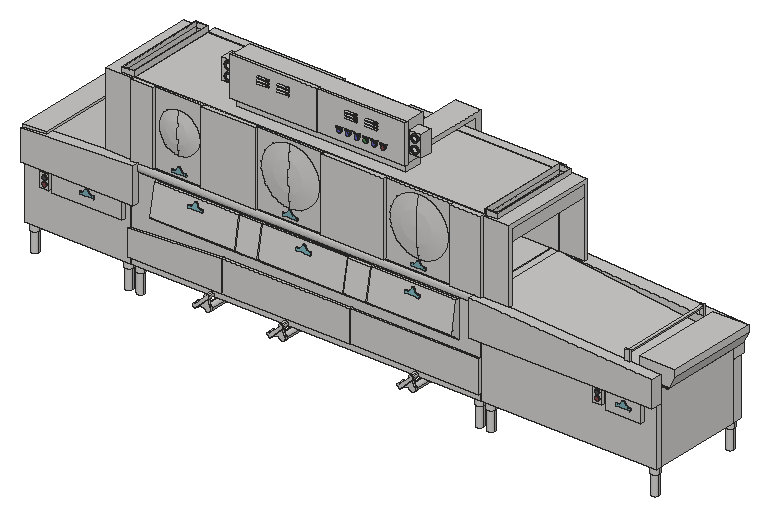
Revit family (continued)
Dimensions and locks (in)
  locked: plane 24 to plane 115 at 0.0625
  locked: plane 118 to plane 24 at 1.4375
  locked: plane 24 to plane 117 at 1.4375
  locked: plane 116 to plane 29 at 0.25
  locked: plane 30 to plane 119 at 0.25
  locked: plane 122 to plane 31 at 0.25
  locked: plane 25 to plane 121 at 0.0625
  locked: plane 120 to plane 25 at 0.0625
  locked: plane 124 to plane 25 at 1.4375
  locked: plane 25 to plane 123 at 1.4375
  locked: plane 125 "Standard Door Clearance" to plane 10 "Top of Machine" at 28
  plane 4 "RIGHT" to plane 126 = 2' - 0"
  locked: plane 126 to nested 5
  locked: plane 4 "RIGHT" to nested 4 at 12
  locked: Extrusion 211 sketch curve to plane 4 "RIGHT" at 12
  locked: Extrusion 211 sketch curve to level at 11
  aligned and locked: level to plane 2
  aligned and locked: plane 12 "Bottom of Machine" to Extrusion 1 sketch curve
  aligned and locked: plane 3 "LEFT" to Extrusion 1 sketch curve
  aligned and locked: plane 14 "Left of Bottom" to Extrusion 1 sketch curve
  aligned and locked: Extrusion 1 sketch curve to plane 15 "Right of Bottom"
  aligned and locked: Extrusion 1 sketch curve to plane 4 "RIGHT"
  aligned and locked: Extrusion 1 to plane 21 "Back of Main Body"
  aligned and locked: Extrusion 1 sketch curve to plane 16
  aligned and locked: Extrusion 2 sketch curve to plane 13 "Middle of Machine"
  aligned and locked: plane 16 to Extrusion 2 sketch curve
  aligned and locked: plane 21 "Back of Main Body" to Extrusion 2 sketch curve
  aligned and locked: Extrusion 2 to plane 14 "Left of Bottom"
  aligned and locked: plane 3 "LEFT" to Extrusion 3 sketch curve
  aligned and locked: Extrusion 3 sketch curve to plane 22 "Front of Main Body"
  aligned and locked: Extrusion 3 sketch curve to plane 26
  aligned and locked: plane 32 "Front of Inside" to Extrusion 3 sketch curve
  aligned and locked: Extrusion 3 to plane 13 "Middle of Machine"
  aligned and locked: plane 32 "Front of Inside" to Extrusion 4 sketch curve
  aligned and locked: Extrusion 4 sketch curve to plane 28
  aligned and locked: plane 27 to Extrusion 4 sketch curve
  aligned and locked: Extrusion 4 sketch curve to plane 22 "Front of Main Body"
  aligned and locked: Extrusion 4 to plane 13 "Middle of Machine"
  aligned and locked: plane 32 "Front of Inside" to Extrusion 5 sketch curve
  aligned and locked: Extrusion 5 sketch curve to plane 22 "Front of Main Body"
  aligned and locked: Extrusion 5 sketch curve to plane 30
  aligned and locked: plane 29 to Extrusion 5 sketch curve
  aligned and locked: Extrusion 6 sketch curve to plane 4 "RIGHT"
  aligned and locked: plane 31 to Extrusion 6 sketch curve
  aligned and locked: plane 32 "Front of Inside" to Extrusion 6 sketch curve
  aligned and locked: Extrusion 6 sketch curve to plane 22 "Front of Main Body"
  aligned and locked: Extrusion 5 to plane 13 "Middle of Machine"
  aligned and locked: Extrusion 6 to plane 13 "Middle of Machine"
  aligned and locked: plane 3 "LEFT" to Extrusion 7 sketch curve
  aligned and locked: Extrusion 7 sketch curve to plane 34
  aligned and locked: plane 21 "Back of Main Body" to Extrusion 7 sketch curve
  aligned and locked: Extrusion 7 sketch curve to plane 33 "Back of Inside"
  aligned and locked: Extrusion 8 sketch curve to plane 4 "RIGHT"
  aligned and locked: plane 21 "Back of Main Body" to Extrusion 8 sketch curve
  aligned and locked: Extrusion 8 sketch curve to plane 33 "Back of Inside"
  aligned and locked: plane 35 to Extrusion 8 sketch curve
  aligned and locked: Extrusion 7 to plane 13 "Middle of Machine"
  aligned and locked: Extrusion 8 to plane 13 "Middle of Machine"
  aligned and locked: plane 32 "Front of Inside" to Extrusion 9 sketch curve
  aligned and locked: Extrusion 9 sketch curve to plane 27
  aligned and locked: plane 26 to Extrusion 9 sketch curve
  aligned and locked: plane 32 "Front of Inside" to Extrusion 10 sketch curve
  aligned and locked: plane 28 to Extrusion 10 sketch curve
  aligned and locked: Extrusion 10 sketch curve to plane 29
  aligned and locked: plane 32 "Front of Inside" to Extrusion 11 sketch curve
  aligned and locked: plane 30 to Extrusion 11 sketch curve
  aligned and locked: Extrusion 11 sketch curve to plane 31
  aligned and locked: Extrusion 9 to plane 13 "Middle of Machine"
  aligned and locked: Extrusion 10 to plane 13 "Middle of Machine"
  aligned and locked: Extrusion 11 to plane 13 "Middle of Machine"
  aligned and locked: plane 34 to Extrusion 12 sketch curve
  aligned and locked: Extrusion 12 sketch curve to plane 35
  aligned and locked: Extrusion 12 sketch curve to plane 33 "Back of Inside"
  aligned and locked: Extrusion 12 to plane 13 "Middle of Machine"
  aligned and locked: plane 37 to Extrusion 19
  aligned and locked: Extrusion 19 to plane 36
  aligned and locked: Extrusion 20 to plane 42
  aligned and locked: plane 43 to Extrusion 20
  aligned and locked: Extrusion 21 to plane 38
  aligned and locked: plane 39 to Extrusion 21
  aligned and locked: Extrusion 22 to plane 44
  aligned and locked: plane 45 to Extrusion 22
  aligned and locked: Extrusion 23 to plane 40
  aligned and locked: plane 41 to Extrusion 23
  aligned and locked: plane 3 "LEFT" to Extrusion 24 sketch curve
  aligned and locked: plane 20 to Extrusion 24 sketch curve
  aligned and locked: Extrusion 24 sketch curve to plane 46
  aligned and locked: Extrusion 25 sketch curve to plane 48
  aligned and locked: Extrusion 25 sketch curve to plane 19
  aligned and locked: plane 47 to Extrusion 25 sketch curve
  aligned and locked: plane 20 to Extrusion 25 sketch curve
  aligned and locked: Extrusion 26 sketch curve to plane 4 "RIGHT"
  aligned and locked: Extrusion 26 sketch curve to plane 19
  aligned and locked: plane 20 to Extrusion 26 sketch curve
  aligned and locked: plane 49 to Extrusion 26 sketch curve
  aligned and locked: plane 33 "Back of Inside" to Extrusion 27 sketch curve
  aligned and locked: plane 3 "LEFT" to Extrusion 27 sketch curve
  aligned and locked: Extrusion 27 sketch curve to plane 32 "Front of Inside"
  aligned and locked: Extrusion 27 sketch curve to plane 4 "RIGHT"
  aligned and locked: Extrusion 27 to plane 50
  aligned and locked: plane 13 "Middle of Machine" to Extrusion 28 sketch curve  (x2)
  aligned and locked: Extrusion 28 sketch curve to plane 10 "Top of Machine"
  aligned and locked: Extrusion 28 to plane 8 "Load Vent"
  aligned and locked: plane 53 to Extrusion 29 sketch curve
  aligned and locked: Extrusion 29 sketch curve to plane 52
  aligned and locked: plane 51 to Extrusion 29
  aligned and locked: Extrusion 30 sketch curve to Extrusion 28
  aligned and locked: Extrusion 30 sketch curve to plane 50
  aligned and locked: Extrusion 31 sketch curve to Extrusion 29
  aligned and locked: Extrusion 29 to Extrusion 31 sketch curve
  aligned and locked: Extrusion 32 to Extrusion 34 sketch curve
  aligned and locked: plane 9 "Unload Vent" to Extrusion 32
  aligned and locked: plane 54 to Extrusion 33 sketch curve
  aligned and locked: Extrusion 33 sketch curve to plane 55
  aligned and locked: plane 51 to Extrusion 33
  aligned and locked: plane 50 to Extrusion 34 sketch curve
  aligned and locked: Extrusion 33 to Extrusion 35 sketch curve
  aligned and locked: Extrusion 35 sketch curve to Extrusion 33
  aligned and locked: plane 15 "Right of Bottom" to Extrusion 2
  aligned and locked: plane 56 to Extrusion 45 sketch curve
  aligned and locked: Extrusion 45 sketch curve to plane 14 "Left of Bottom"
  aligned and locked: plane 56 to Extrusion 46 sketch curve
  aligned and locked: Extrusion 46 sketch curve to plane 14 "Left of Bottom"
  aligned and locked: Extrusion 47 sketch curve to plane 57
  aligned and locked: plane 11 "Table Height" to Extrusion 47 sketch curve
  aligned and locked: plane 56 to Extrusion 47 sketch curve
  aligned and locked: plane 32 "Front of Inside" to Extrusion 47
  aligned and locked: Extrusion 48 sketch curve to plane 58
  aligned and locked: plane 56 to Extrusion 48 sketch curve
  aligned and locked: Extrusion 49 sketch curve to plane 58
  aligned and locked: plane 56 to Extrusion 49 sketch curve
  aligned and locked: plane 56 to Extrusion 50 sketch curve
  aligned and locked: Extrusion 50 sketch curve to plane 14 "Left of Bottom"
  aligned and locked: Extrusion 50 sketch curve to plane 13 "Middle of Machine"
  aligned and locked: Extrusion 50 sketch curve to plane 12 "Bottom of Machine"
  aligned and locked: plane 3 "LEFT" to Extrusion 50 sketch curve
  aligned and locked: plane 56 to Extrusion 51 sketch curve
  aligned and locked: plane 59 to Extrusion 51 sketch curve
  aligned and locked: plane 56 to Extrusion 52 sketch curve
  aligned and locked: plane 12 "Bottom of Machine" to Extrusion 52 sketch curve
  aligned and locked: Extrusion 52 sketch curve to plane 3 "LEFT"
  aligned and locked: plane 22 "Front of Main Body" to Extrusion 52
  aligned and locked: plane 32 "Front of Inside" to Extrusion 50
  aligned and locked: plane 56 to Extrusion 53 sketch curve
  aligned and locked: plane 12 "Bottom of Machine" to Extrusion 53 sketch curve
  aligned and locked: Extrusion 53 sketch curve to plane 3 "LEFT"
  aligned and locked: Extrusion 53 to plane 21 "Back of Main Body"
  aligned and locked: plane 60 to Extrusion 45 sketch curve
  aligned and locked: plane 60 to Extrusion 46 sketch curve
  aligned and locked: Extrusion 52 sketch curve to plane 60
  aligned and locked: Extrusion 53 sketch curve to plane 60
  aligned and locked: Extrusion 54 to plane 22 "Front of Main Body"
  aligned and locked: plane 66 to Extrusion 56 sketch curve
  aligned and locked: Extrusion 56 sketch curve to plane 65
  aligned and locked: Extrusion 54 to plane 63
  aligned and locked: plane 64 to Extrusion 54
  aligned and locked: plane 13 "Middle of Machine" to Extrusion 63 sketch curve
  aligned and locked: Extrusion 63 sketch curve to plane 15 "Right of Bottom"
  aligned and locked: Extrusion 63 sketch curve to plane 60
  aligned and locked: plane 4 "RIGHT" to Extrusion 63 sketch curve
  aligned and locked: plane 12 "Bottom of Machine" to Extrusion 63 sketch curve
  aligned and locked: plane 67 to Extrusion 63 sketch curve
  aligned and locked: plane 67 to Extrusion 62 sketch curve
  aligned and locked: Extrusion 62 sketch curve to plane 68
  aligned and locked: Extrusion 61 sketch curve to plane 69
  aligned and locked: plane 67 to Extrusion 61 sketch curve
  aligned and locked: Extrusion 61 sketch curve to plane 11 "Table Height"
  aligned and locked: Extrusion 59 sketch curve to plane 15 "Right of Bottom"
  aligned and locked: Extrusion 59 sketch curve to plane 60
  aligned and locked: plane 67 to Extrusion 59 sketch curve
  aligned and locked: Extrusion 60 sketch curve to plane 15 "Right of Bottom"
  aligned and locked: Extrusion 60 sketch curve to plane 60
  aligned and locked: plane 67 to Extrusion 60 sketch curve
  aligned and locked: Extrusion 64 sketch curve to plane 4 "RIGHT"
  aligned and locked: plane 60 to Extrusion 64 sketch curve
  aligned and locked: Extrusion 64 sketch curve to plane 12 "Bottom of Machine"
  aligned and locked: plane 67 to Extrusion 64 sketch curve
  aligned and locked: Extrusion 65 sketch curve to plane 4 "RIGHT"
  aligned and locked: plane 60 to Extrusion 65 sketch curve
  aligned and locked: plane 67 to Extrusion 65 sketch curve
  aligned and locked: Extrusion 65 sketch curve to plane 12 "Bottom of Machine"
  aligned and locked: plane 13 "Middle of Machine" to Extrusion 66 sketch curve
  aligned and locked: Extrusion 66 sketch curve to plane 71
  aligned and locked: Extrusion 66 sketch curve to plane 70
  aligned and locked: plane 32 "Front of Inside" to Extrusion 66
  aligned and locked: plane 32 "Front of Inside" to Extrusion 69
  aligned and locked: Extrusion 70 sketch curve to plane 61
  aligned and locked: plane 62 to Extrusion 70 sketch curve
  aligned and locked: plane 74 to Extrusion 70 sketch curve
  aligned and locked: Extrusion 70 sketch curve to plane 73
  aligned and locked: plane 76 to Extrusion 72 sketch curve
  aligned and locked: Extrusion 72 sketch curve to plane 75
  aligned and locked: Extrusion 72 sketch curve to plane 61
  aligned and locked: Extrusion 76 to Extrusion 75
  aligned and locked: plane 12 "Bottom of Machine" to Extrusion 76
  aligned and locked: Extrusion 78 to Extrusion 77
  aligned and locked: Extrusion 80 to Extrusion 79
  aligned and locked: Extrusion 82 to Extrusion 81
  aligned and locked: Extrusion 83 to Extrusion 84
  aligned and locked: Extrusion 85 to Extrusion 86
  aligned and locked: Extrusion 88 to Extrusion 87
  aligned and locked: Extrusion 90 to Extrusion 89
  aligned and locked: Extrusion 91 to Extrusion 92
  aligned and locked: Extrusion 93 to Extrusion 94
  aligned and locked: Extrusion 96 to Extrusion 95
  aligned and locked: Extrusion 98 to Extrusion 97
  aligned and locked: plane 78 to Extrusion 99 sketch curve
  aligned and locked: Extrusion 99 sketch curve to plane 77
  aligned and locked: Extrusion 99 sketch curve to plane 80
  aligned and locked: plane 79 to Extrusion 99 sketch curve
  aligned and locked: plane 92 "Back of Elec Box" to Extrusion 100 sketch curve
  aligned and locked: Extrusion 100 sketch curve to plane 93
  aligned and locked: plane 97 to Extrusion 100 sketch curve
  aligned and locked: Extrusion 100 sketch curve to plane 98 "Right of Control Box"
  aligned and locked: Extrusion 100 to plane 81
  aligned and locked: plane 96 to Extrusion 100
  aligned and locked: plane 88 to Extrusion 101 sketch curve
  aligned and locked: Extrusion 101 sketch curve to plane 94 "Front of Panel"
  aligned and locked: Extrusion 101 sketch curve to plane 86
  aligned and locked: plane 87 to Extrusion 102 sketch curve
  aligned and locked: Extrusion 102 sketch curve to plane 94 "Front of Panel"
  aligned and locked: plane 93 to Extrusion 102 sketch curve
  aligned and locked: Extrusion 102 sketch curve to plane 89
  aligned and locked: Extrusion 102 to plane 95
  aligned and locked: Extrusion 101 to plane 95
  aligned and locked: plane 84 to Extrusion 101
  aligned and locked: plane 84 to Extrusion 102
  aligned and locked: plane 100 to Extrusion 103 sketch curve
  aligned and locked: Extrusion 103 sketch curve to plane 97
  aligned and locked: Extrusion 103 sketch curve to plane 99 "Front of LR Panels"
  aligned and locked: plane 91 to Extrusion 103 sketch curve
  aligned and locked: plane 98 "Right of Control Box" to Extrusion 104 sketch curve
  aligned and locked: Extrusion 104 sketch curve to plane 99 "Front of LR Panels"
  aligned and locked: Extrusion 104 sketch curve to plane 90
  aligned and locked: plane 100 to Extrusion 104 sketch curve
  aligned and locked: plane 83 to Extrusion 103
  aligned and locked: plane 83 to Extrusion 104
  aligned and locked: Extrusion 103 to plane 82
  aligned and locked: Extrusion 104 to plane 82
  aligned and locked: Extrusion 106 sketch curve to Extrusion 105  (x2)
  aligned and locked: Extrusion 114 sketch curve to Extrusion 113  (x2)
  aligned and locked: Extrusion 116 sketch curve to Extrusion 115  (x2)
  aligned and locked: Extrusion 118 sketch curve to Extrusion 117  (x2)
  aligned and locked: Extrusion 133 to plane 102 "Left Drain"
  aligned and locked: plane 103 "Right Drain" to Extrusion 133
  aligned and locked: Extrusion 134 sketch curve to Extrusion 133  (x2)
  aligned and locked: Extrusion 135 sketch curve to Extrusion 133  (x2)
  aligned and locked: plane 55 to nested 1
  aligned and locked: plane 33 "Back of Inside" to nested 1
  aligned and locked: Extrusion 151 sketch curve to Extrusion 150  (x2)
  aligned and locked: Extrusion 159 sketch curve to Extrusion 158  (x2)
  aligned and locked: Extrusion 161 sketch curve to Extrusion 160  (x2)
  aligned and locked: Extrusion 163 sketch curve to Extrusion 162  (x2)
  aligned and locked: plane 110 to Extrusion 187 sketch curve
  aligned and locked: Extrusion 187 sketch curve to plane 111
  aligned and locked: Extrusion 187 sketch curve to plane 22 "Front of Main Body"
  aligned and locked: plane 113 to Extrusion 188 sketch curve
  aligned and locked: Extrusion 188 sketch curve to plane 114
  aligned and locked: Extrusion 188 sketch curve to plane 22 "Front of Main Body"
  aligned and locked: plane 115 to Extrusion 189 sketch curve
  aligned and locked: Extrusion 189 sketch curve to plane 116
  aligned and locked: Extrusion 189 sketch curve to plane 22 "Front of Main Body"
  aligned and locked: plane 119 to Extrusion 190 sketch curve
  aligned and locked: Extrusion 190 sketch curve to plane 120
  aligned and locked: Extrusion 190 sketch curve to plane 22 "Front of Main Body"
  aligned and locked: plane 121 to Extrusion 191 sketch curve
  aligned and locked: Extrusion 191 sketch curve to plane 122
  aligned and locked: Extrusion 191 sketch curve to plane 22 "Front of Main Body"
  aligned and locked: Extrusion 187 to plane 13 "Middle of Machine"
  aligned and locked: Extrusion 188 to plane 13 "Middle of Machine"
  aligned and locked: Extrusion 189 to plane 13 "Middle of Machine"
  aligned and locked: Extrusion 190 to plane 13 "Middle of Machine"
  aligned and locked: Extrusion 191 to plane 13 "Middle of Machine"
  aligned and locked: plane 26 to curve 87
  aligned and locked: curve 89 to plane 28
  aligned and locked: curve 97 to plane 29
  aligned and locked: plane 30 to curve 105
  aligned and locked: plane 31 to curve 107
  aligned and locked: plane 26 to Extrusion 207 sketch curve
  aligned and locked: Extrusion 207 sketch curve to plane 27
  aligned and locked: Extrusion 207 sketch curve to plane 22 "Front of Main Body"
  aligned and locked: plane 28 to Extrusion 208 sketch curve
  aligned and locked: Extrusion 208 sketch curve to plane 29
  aligned and locked: Extrusion 208 sketch curve to plane 22 "Front of Main Body"
  aligned and locked: Extrusion 209 sketch curve to plane 22 "Front of Main Body"
  aligned and locked: plane 30 to Extrusion 209 sketch curve
  aligned and locked: Extrusion 209 sketch curve to plane 31
Automatic sketch dimensions
  Extrusion 19 sketch curve to Extrusion 19 sketch curve = 0' - 1"
  Extrusion 20 sketch curve to Extrusion 20 sketch curve = 0' - 1"
  Extrusion 21 sketch curve to Extrusion 21 sketch curve = 0' - 1"
  Extrusion 22 sketch curve to Extrusion 22 sketch curve = 0' - 1"
  Extrusion 23 sketch curve to Extrusion 23 sketch curve = 0' - 1"
  Extrusion 19 sketch curve to Extrusion 19 sketch curve = 0' - 2"
  Extrusion 19 sketch curve to Extrusion 19 sketch curve = 0' - 2 5/16"
  Extrusion 19 sketch curve to Extrusion 19 sketch curve = 0' - 10 1/4"
  Extrusion 20 sketch curve to Extrusion 20 sketch curve = 0' - 2"
  Extrusion 20 sketch curve to Extrusion 20 sketch curve = 0' - 2 5/16"
  Extrusion 20 sketch curve to Extrusion 20 sketch curve = 0' - 10 1/4"
  Extrusion 21 sketch curve to Extrusion 21 sketch curve = 0' - 2"
  Extrusion 21 sketch curve to Extrusion 21 sketch curve = 0' - 2 5/16"
  Extrusion 21 sketch curve to Extrusion 21 sketch curve = 0' - 10 1/4"
  Extrusion 22 sketch curve to Extrusion 22 sketch curve = 0' - 2"
  Extrusion 22 sketch curve to Extrusion 22 sketch curve = 0' - 2 5/16"
  Extrusion 22 sketch curve to Extrusion 22 sketch curve = 0' - 10 1/4"
  Extrusion 23 sketch curve to Extrusion 23 sketch curve = 0' - 2"
  Extrusion 23 sketch curve to Extrusion 23 sketch curve = 0' - 2 5/16"
  Extrusion 23 sketch curve to Extrusion 23 sketch curve = 0' - 10 1/4"
  Extrusion 39 sketch curve to Extrusion 39 sketch curve = 0' - 1"
  Extrusion 40 sketch curve to Extrusion 40 sketch curve = 0' - 1"
  Extrusion 41 sketch curve to Extrusion 41 sketch curve = 0' - 1"
  Extrusion 42 sketch curve to Extrusion 42 sketch curve = 0' - 1"
  Extrusion 43 sketch curve to Extrusion 43 sketch curve = 0' - 1"
  Extrusion 39 sketch curve to Extrusion 39 sketch curve = 0' - 2"
  Extrusion 39 sketch curve to Extrusion 39 sketch curve = 0' - 2 5/16"
  Extrusion 39 sketch curve to Extrusion 39 sketch curve = 0' - 10 1/4"
  Extrusion 40 sketch curve to Extrusion 40 sketch curve = 0' - 2"
  Extrusion 40 sketch curve to Extrusion 40 sketch curve = 0' - 2 5/16"
  Extrusion 40 sketch curve to Extrusion 40 sketch curve = 0' - 10 1/4"
  Extrusion 41 sketch curve to Extrusion 41 sketch curve = 0' - 2"
  Extrusion 41 sketch curve to Extrusion 41 sketch curve = 0' - 2 5/16"
  Extrusion 41 sketch curve to Extrusion 41 sketch curve = 0' - 10 1/4"
  Extrusion 42 sketch curve to Extrusion 42 sketch curve = 0' - 2"
  Extrusion 42 sketch curve to Extrusion 42 sketch curve = 0' - 2 5/16"
  Extrusion 42 sketch curve to Extrusion 42 sketch curve = 0' - 10 1/4"
  Extrusion 43 sketch curve to Extrusion 43 sketch curve = 0' - 2"
  Extrusion 43 sketch curve to Extrusion 43 sketch curve = 0' - 2 5/16"
  Extrusion 43 sketch curve to Extrusion 43 sketch curve = 0' - 10 1/4"
  Extrusion 38 sketch curve to Extrusion 38 sketch curve = 0' - 0.25142"  (x6)
  Extrusion 38 sketch curve to Extrusion 38 sketch curve = 0' - 0.25483"  (x3)
  Extrusion 38 sketch curve to Extrusion 38 sketch curve = 0' - 0.30345"  (x3)
  Extrusion 38 sketch curve to Extrusion 38 sketch curve = 0' - 1.63184"  (x6)
  Extrusion 38 sketch curve to Extrusion 38 sketch curve = 0' - 1.52338"  (x3)
  Extrusion 38 sketch curve to Extrusion 38 sketch curve = 0' - 0.41934"  (x3)
  Extrusion 38 sketch curve to Extrusion 38 sketch curve = 0' - 0.61126"  (x3)
  Extrusion 38 sketch curve to Extrusion 38 sketch curve = 0' - 0.42496"  (x3)
  Extrusion 38 sketch curve to Extrusion 38 sketch curve = 0' - 0"  (x8)
  Extrusion 38 sketch curve to Extrusion 38 sketch curve = 0' - 1.22253"  (x3)
  Extrusion 38 sketch curve to Extrusion 38 sketch curve = 0' - 1.51845"  (x3)
  Extrusion 38 sketch curve to Extrusion 38 sketch curve = 0' - 0.00341"  (x3)
  Extrusion 38 sketch curve to Extrusion 38 sketch curve = 2' - 8.25414"
  Extrusion 38 sketch curve to Extrusion 38 sketch curve = 2' - 8.00414"
  Extrusion 38 sketch curve to Extrusion 38 sketch curve = 0' - 11.90119"  (x3)
  Extrusion 38 sketch curve to Extrusion 38 sketch curve = 0' - 0.08323"  (x3)
  Extrusion 38 sketch curve to Extrusion 38 sketch curve = 0' - 0.48493"  (x6)
  Extrusion 38 sketch curve to Extrusion 38 sketch curve = 0' - 1.96861"  (x3)
  Extrusion 44 sketch curve to Extrusion 44 sketch curve = 0' - 0.25142"  (x6)
  Extrusion 44 sketch curve to Extrusion 44 sketch curve = 0' - 0.25483"  (x3)
  Extrusion 44 sketch curve to Extrusion 44 sketch curve = 0' - 0.30345"  (x3)
  Extrusion 44 sketch curve to Extrusion 44 sketch curve = 0' - 1.63184"  (x6)
  Extrusion 44 sketch curve to Extrusion 44 sketch curve = 0' - 1.52338"  (x3)
  Extrusion 44 sketch curve to Extrusion 44 sketch curve = 0' - 0.41934"  (x3)
  Extrusion 44 sketch curve to Extrusion 44 sketch curve = 0' - 0.61126"  (x3)
  Extrusion 44 sketch curve to Extrusion 44 sketch curve = 0' - 0.42496"  (x3)
  Extrusion 44 sketch curve to Extrusion 44 sketch curve = 0' - 0"  (x8)
  Extrusion 44 sketch curve to Extrusion 44 sketch curve = 0' - 1.22253"  (x3)
  Extrusion 44 sketch curve to Extrusion 44 sketch curve = 0' - 1.51845"  (x3)
  Extrusion 44 sketch curve to Extrusion 44 sketch curve = 0' - 0.00341"  (x3)
  Extrusion 44 sketch curve to Extrusion 44 sketch curve = 2' - 8.25414"
  Extrusion 44 sketch curve to Extrusion 44 sketch curve = 2' - 8.00414"
  Extrusion 44 sketch curve to Extrusion 44 sketch curve = 0' - 11.90119"  (x3)
  Extrusion 44 sketch curve to Extrusion 44 sketch curve = 0' - 0.08323"  (x3)
  Extrusion 44 sketch curve to Extrusion 44 sketch curve = 0' - 0.48493"  (x6)
  Extrusion 44 sketch curve to Extrusion 44 sketch curve = 0' - 1.96861"  (x3)
  Extrusion 105 sketch curve to Extrusion 105 sketch curve = 0' - 0"  (x4)
  Extrusion 107 sketch curve to Extrusion 107 sketch curve = 0' - 1"  (x5)
  Extrusion 107 sketch curve to Extrusion 107 sketch curve = 0' - 2"  (x6)
  Extrusion 107 sketch curve to Extrusion 107 sketch curve = 0' - 0"  (x5)
  Extrusion 107 sketch curve to Extrusion 107 sketch curve = 0' - 0 1/4"  (x6)
  Extrusion 112 sketch curve to Extrusion 112 sketch curve = 0' - 1 1/2"  (x5)
  Extrusion 112 sketch curve to Extrusion 112 sketch curve = 0' - 0 3/4"  (x6)
  Extrusion 112 sketch curve to Extrusion 112 sketch curve = 0' - 0 7/8"  (x6)
  Extrusion 113 sketch curve to Extrusion 113 sketch curve = 0' - 0"  (x4)
  Extrusion 115 sketch curve to Extrusion 115 sketch curve = 0' - 0"  (x4)
  Extrusion 117 sketch curve to Extrusion 117 sketch curve = 0' - 0"  (x4)
  Extrusion 121 sketch curve to Extrusion 121 sketch curve = 0' - 0 5/8"
  Extrusion 122 sketch curve to Extrusion 122 sketch curve = 0' - 0 5/8"
  Extrusion 123 sketch curve to Extrusion 123 sketch curve = 0' - 0 5/8"
  Extrusion 124 sketch curve to Extrusion 124 sketch curve = 0' - 0 5/8"
  Extrusion 125 sketch curve to Extrusion 125 sketch curve = 0' - 0 5/8"
  Extrusion 126 sketch curve to Extrusion 126 sketch curve = 0' - 0 5/8"
  Extrusion 127 sketch curve to Extrusion 127 sketch curve = 0' - 0 5/8"
  Extrusion 128 sketch curve to Extrusion 128 sketch curve = 0' - 0 5/8"
  Extrusion 129 sketch curve to Extrusion 129 sketch curve = 0' - 0 5/8"
  Extrusion 130 sketch curve to Extrusion 130 sketch curve = 0' - 0 5/8"
  Extrusion 131 sketch curve to Extrusion 131 sketch curve = 0' - 0 5/8"
  Extrusion 132 sketch curve to Extrusion 132 sketch curve = 0' - 0 5/8"
  Extrusion 139 sketch curve to Extrusion 139 sketch curve = 0' - 0"  (x4)
  Extrusion 140 sketch curve to Extrusion 140 sketch curve = 0' - 0"  (x4)
  Extrusion 141 sketch curve to Extrusion 141 sketch curve = 0' - 1 5/8"  (x2)
  Extrusion 141 sketch curve to Extrusion 141 sketch curve = 0' - 1 1/8"
  Extrusion 142 sketch curve to Extrusion 142 sketch curve = 0' - 0 1/2"  (x7)
  Extrusion 142 sketch curve to Extrusion 142 sketch curve = 0' - 0 1/4"  (x4)
  Extrusion 142 sketch curve to Extrusion 142 sketch curve = 0' - 4 1/2"
  Extrusion 143 sketch curve to Extrusion 143 sketch curve = 0' - 1 5/8"  (x2)
  Extrusion 143 sketch curve to Extrusion 143 sketch curve = 0' - 1 1/8"
  Extrusion 144 sketch curve to Extrusion 144 sketch curve = 0' - 0"  (x4)
  Extrusion 145 sketch curve to Extrusion 145 sketch curve = 0' - 0 1/2"  (x7)
  Extrusion 145 sketch curve to Extrusion 145 sketch curve = 0' - 0 1/4"  (x4)
  Extrusion 145 sketch curve to Extrusion 145 sketch curve = 0' - 4 1/2"
  Extrusion 146 sketch curve to Extrusion 146 sketch curve = 0' - 1 5/8"  (x2)
  Extrusion 146 sketch curve to Extrusion 146 sketch curve = 0' - 1 1/8"
  Extrusion 147 sketch curve to Extrusion 147 sketch curve = 0' - 0 1/2"  (x9)
  Extrusion 147 sketch curve to Extrusion 147 sketch curve = 0' - 0 1/4"  (x2)
  Extrusion 147 sketch curve to Extrusion 147 sketch curve = 0' - 4 1/2"
  Extrusion 112 sketch curve to Extrusion 112 sketch curve = 0' - 0"  (x5)
  Extrusion 121 sketch curve to Extrusion 121 sketch curve = 0' - 2 3/4"
  Extrusion 122 sketch curve to Extrusion 122 sketch curve = 0' - 2 3/4"
  Extrusion 123 sketch curve to Extrusion 123 sketch curve = 0' - 2 3/4"
  Extrusion 124 sketch curve to Extrusion 124 sketch curve = 0' - 2 3/4"
  Extrusion 125 sketch curve to Extrusion 125 sketch curve = 0' - 2 3/4"
  Extrusion 126 sketch curve to Extrusion 126 sketch curve = 0' - 2 3/4"
  Extrusion 127 sketch curve to Extrusion 127 sketch curve = 0' - 2 3/4"
  Extrusion 128 sketch curve to Extrusion 128 sketch curve = 0' - 2 3/4"
  Extrusion 129 sketch curve to Extrusion 129 sketch curve = 0' - 2 3/4"
  Extrusion 130 sketch curve to Extrusion 130 sketch curve = 0' - 2 3/4"
  Extrusion 131 sketch curve to Extrusion 131 sketch curve = 0' - 2 3/4"
  Extrusion 132 sketch curve to Extrusion 132 sketch curve = 0' - 2 3/4"
  Extrusion 150 sketch curve to Extrusion 150 sketch curve = 0' - 0"  (x4)
  Extrusion 152 sketch curve to Extrusion 152 sketch curve = 0' - 1"  (x5)
  Extrusion 152 sketch curve to Extrusion 152 sketch curve = 0' - 2"  (x6)
  Extrusion 152 sketch curve to Extrusion 152 sketch curve = 0' - 0"  (x5)
  Extrusion 152 sketch curve to Extrusion 152 sketch curve = 0' - 0 1/4"  (x6)
  Extrusion 157 sketch curve to Extrusion 157 sketch curve = 0' - 1 1/2"  (x5)
  Extrusion 157 sketch curve to Extrusion 157 sketch curve = 0' - 0 3/4"  (x6)
  Extrusion 157 sketch curve to Extrusion 157 sketch curve = 0' - 0 7/8"  (x6)
  Extrusion 158 sketch curve to Extrusion 158 sketch curve = 0' - 0"  (x4)
  Extrusion 160 sketch curve to Extrusion 160 sketch curve = 0' - 0"  (x4)
  Extrusion 162 sketch curve to Extrusion 162 sketch curve = 0' - 0"  (x4)
  Extrusion 166 sketch curve to Extrusion 166 sketch curve = 0' - 0 5/8"
  Extrusion 167 sketch curve to Extrusion 167 sketch curve = 0' - 0 5/8"
  Extrusion 168 sketch curve to Extrusion 168 sketch curve = 0' - 0 5/8"
  Extrusion 169 sketch curve to Extrusion 169 sketch curve = 0' - 0 5/8"
  Extrusion 170 sketch curve to Extrusion 170 sketch curve = 0' - 0 5/8"
  Extrusion 171 sketch curve to Extrusion 171 sketch curve = 0' - 0 5/8"
  Extrusion 172 sketch curve to Extrusion 172 sketch curve = 0' - 0 5/8"
  Extrusion 173 sketch curve to Extrusion 173 sketch curve = 0' - 0 5/8"
  Extrusion 174 sketch curve to Extrusion 174 sketch curve = 0' - 0 5/8"
  Extrusion 175 sketch curve to Extrusion 175 sketch curve = 0' - 0 5/8"
  Extrusion 176 sketch curve to Extrusion 176 sketch curve = 0' - 0 5/8"
  Extrusion 177 sketch curve to Extrusion 177 sketch curve = 0' - 0 5/8"
  Extrusion 157 sketch curve to Extrusion 157 sketch curve = 0' - 0"  (x5)
  Extrusion 166 sketch curve to Extrusion 166 sketch curve = 0' - 2 3/4"
  Extrusion 167 sketch curve to Extrusion 167 sketch curve = 0' - 2 3/4"
  Extrusion 168 sketch curve to Extrusion 168 sketch curve = 0' - 2 3/4"
  Extrusion 169 sketch curve to Extrusion 169 sketch curve = 0' - 2 3/4"
  Extrusion 170 sketch curve to Extrusion 170 sketch curve = 0' - 2 3/4"
  Extrusion 171 sketch curve to Extrusion 171 sketch curve = 0' - 2 3/4"
  Extrusion 172 sketch curve to Extrusion 172 sketch curve = 0' - 2 3/4"
  Extrusion 173 sketch curve to Extrusion 173 sketch curve = 0' - 2 3/4"
  Extrusion 174 sketch curve to Extrusion 174 sketch curve = 0' - 2 3/4"
  Extrusion 175 sketch curve to Extrusion 175 sketch curve = 0' - 2 3/4"
  Extrusion 176 sketch curve to Extrusion 176 sketch curve = 0' - 2 3/4"
  Extrusion 177 sketch curve to Extrusion 177 sketch curve = 0' - 2 3/4"
  Extrusion 141 sketch curve to Extrusion 141 sketch curve = 0' - 0.12054"
  Extrusion 143 sketch curve to Extrusion 143 sketch curve = 0' - 0.12054"
  Extrusion 146 sketch curve to Extrusion 146 sketch curve = 0' - 0.12054"
  Extrusion 178 sketch curve to Extrusion 178 sketch curve = 0' - 0"  (x4)
  Extrusion 179 sketch curve to Extrusion 179 sketch curve = 0' - 0"  (x4)
  Extrusion 180 sketch curve to Extrusion 180 sketch curve = 0' - 1 5/8"  (x2)
  Extrusion 180 sketch curve to Extrusion 180 sketch curve = 0' - 1 1/8"
  Extrusion 181 sketch curve to Extrusion 181 sketch curve = 0' - 0 1/2"  (x7)
  Extrusion 181 sketch curve to Extrusion 181 sketch curve = 0' - 0 1/4"  (x4)
  Extrusion 181 sketch curve to Extrusion 181 sketch curve = 0' - 4 1/2"
  Extrusion 182 sketch curve to Extrusion 182 sketch curve = 0' - 1 5/8"  (x2)
  Extrusion 182 sketch curve to Extrusion 182 sketch curve = 0' - 1 1/8"
  Extrusion 183 sketch curve to Extrusion 183 sketch curve = 0' - 0"  (x4)
  Extrusion 184 sketch curve to Extrusion 184 sketch curve = 0' - 0 1/2"  (x7)
  Extrusion 184 sketch curve to Extrusion 184 sketch curve = 0' - 0 1/4"  (x4)
  Extrusion 184 sketch curve to Extrusion 184 sketch curve = 0' - 4 1/2"
  Extrusion 185 sketch curve to Extrusion 185 sketch curve = 0' - 1 5/8"  (x2)
  Extrusion 185 sketch curve to Extrusion 185 sketch curve = 0' - 1 1/8"
  Extrusion 186 sketch curve to Extrusion 186 sketch curve = 0' - 0 1/2"  (x9)
  Extrusion 186 sketch curve to Extrusion 186 sketch curve = 0' - 0 1/4"  (x2)
  Extrusion 186 sketch curve to Extrusion 186 sketch curve = 0' - 4 1/2"
  Extrusion 180 sketch curve to Extrusion 180 sketch curve = 0' - 0.12054"
  Extrusion 182 sketch curve to Extrusion 182 sketch curve = 0' - 0.12054"
  Extrusion 185 sketch curve to Extrusion 185 sketch curve = 0' - 0.12054"
  Extrusion 1 sketch curve to plane 60 = 0' - 0"  (x2)
  Extrusion 24 sketch curve to plane 19 = 0' - 0"
  Extrusion 24 sketch curve to plane 62 = 0' - 1 5/8"
  Extrusion 47 sketch curve to plane 11 "Table Height" = 0' - 0 1/8"
  Extrusion 48 sketch curve to plane 11 "Table Height" = 0' - 1 1/2"
  Extrusion 48 sketch curve to plane 11 "Table Height" = 0' - 0 1/8"
  Extrusion 49 sketch curve to plane 61 = 0' - 0"
  Extrusion 49 sketch curve to plane 11 "Table Height" = 0' - 2"
  Extrusion 50 sketch curve to plane 3 "LEFT" = 0' - 0"
  Extrusion 50 sketch curve to plane 60 = 0' - 0"
  Extrusion 50 sketch curve to plane 11 "Table Height" = 0' - 0"
  Extrusion 56 sketch curve to plane 19 = 0' - 0"
  Extrusion 56 sketch curve to plane 61 = 0' - 0 3/4"
  plane 18 to Extrusion 57 sketch curve = 0' - 1 1/4"
  Extrusion 58 sketch curve to plane 18 = 0' - 0 3/4"
  plane 11 "Table Height" to Extrusion 61 sketch curve = 0' - 0 1/8"
  plane 11 "Table Height" to Extrusion 62 sketch curve = 0' - 1 1/2"
  plane 11 "Table Height" to Extrusion 62 sketch curve = 0' - 0 1/8"
  Extrusion 63 sketch curve to plane 4 "RIGHT" = 0' - 0"
  Extrusion 63 sketch curve to plane 11 "Table Height" = 0' - 0"
  Extrusion 66 sketch curve to plane 16 = 0' - 0"
  plane 69 to Extrusion 66 sketch curve = 0' - 0 1/2"
  plane 11 "Table Height" to Extrusion 66 sketch curve = 0' - 0 1/2"
  Extrusion 71 sketch curve to Extrusion 71 sketch curve = 0' - 0.25142"  (x2)
  Extrusion 71 sketch curve to Extrusion 71 sketch curve = 0' - 0.25483"  (x2)
  Extrusion 71 sketch curve to plane 71 = 0' - 1.55729"
  plane 18 to Extrusion 71 sketch curve = 0' - 0.09419"  (x2)
  plane 72 to Extrusion 71 sketch curve = 0' - 1.11091"
  plane 72 to Extrusion 71 sketch curve = 0' - 0.91934"
  Extrusion 71 sketch curve to Extrusion 71 sketch curve = 0' - 0.41934"
  plane 72 to Extrusion 71 sketch curve = 0' - 0.49965"
  plane 72 to Extrusion 71 sketch curve = 0' - 0.07504"
  Extrusion 71 sketch curve to Extrusion 71 sketch curve = 0' - 0"
  Extrusion 71 sketch curve to plane 72 = 0' - 1.44342"
  plane 18 to Extrusion 71 sketch curve = 0' - 0.01096"  (x2)
  plane 20 to Extrusion 71 sketch curve = 0' - 1.10977"
  Extrusion 71 sketch curve to Extrusion 71 sketch curve = 0' - 0.48493"  (x2)
  Extrusion 71 sketch curve to plane 61 = 0' - 1.43719"
  Extrusion 73 sketch curve to plane 61 = 0' - 1 1/2"
  Extrusion 74 sketch curve to plane 18 = 0' - 0"
  plane 93 to Extrusion 101 sketch curve = 0' - 0"
  Extrusion 133 sketch curve to Extrusion 133 sketch curve = 0' - 0"  (x2)
  Extrusion 133 sketch curve to plane 101 "Drain" = 0' - 0"
  Extrusion 133 sketch curve to plane 104 "Drain CL" = 0' - 0"
  Extrusion 2 sketch curve to plane 22 "Front of Main Body" = 0' - 0"  (x2)
  plane 32 "Front of Inside" to Extrusion 2 sketch curve = 0' - 0.18875"
  Extrusion 9 sketch curve to plane 22 "Front of Main Body" = 0' - 0 3/4"
  Extrusion 10 sketch curve to plane 22 "Front of Main Body" = 0' - 0 3/4"
  Extrusion 11 sketch curve to plane 22 "Front of Main Body" = 0' - 0 3/4"
  plane 21 "Back of Main Body" to Extrusion 12 sketch curve = 0' - 1"
  plane 5 "FRONT" to Revolve 13 sketch curve = 0' - 8"
  plane 22 "Front of Main Body" to Revolve 13 sketch curve = 0' - 0 1/4"
  Revolve 13 sketch curve to plane 22 "Front of Main Body" = 0' - 0 3/4"
  plane 100 to Revolve 13 sketch curve = 0' - 1 1/4"
  Revolve 13 sketch curve to plane 1 "BACK" = 0' - 8.74935"
  Revolve 13 sketch curve to plane 50 = 0' - 5.75174"  (x2)
  Revolve 13 sketch curve to plane 50 = 0' - 5.50167"
  plane 5 "FRONT" to Revolve 14 sketch curve = 0' - 8"
  plane 22 "Front of Main Body" to Revolve 14 sketch curve = 0' - 0 1/4"
  Revolve 14 sketch curve to plane 22 "Front of Main Body" = 0' - 0 3/4"
  plane 100 to Revolve 14 sketch curve = 0' - 1 1/4"
  Revolve 14 sketch curve to plane 1 "BACK" = 0' - 8.74935"
  Revolve 14 sketch curve to plane 50 = 0' - 5.75174"  (x2)
  Revolve 14 sketch curve to plane 50 = 0' - 5.50167"
  Extrusion 15 sketch curve to plane 25 = 0' - 0"
  plane 25 to Extrusion 15 sketch curve = 0' - 0.00035"
  plane 121 to Extrusion 15 sketch curve = 0' - 0.35719"
  plane 121 to Extrusion 15 sketch curve = 0' - 0.54876"
  plane 123 to Extrusion 15 sketch curve = 0' - 0.50556"
  plane 123 to Extrusion 15 sketch curve = 0' - 0.8056"
  Extrusion 15 sketch curve to Extrusion 15 sketch curve = 0' - 0.00341"  (x2)
  Extrusion 15 sketch curve to Extrusion 15 sketch curve = 0' - 0.25142"  (x2)
  Extrusion 15 sketch curve to plane 120 = 0' - 0.36211"
  Extrusion 15 sketch curve to Extrusion 15 sketch curve = 0' - 0"
  Extrusion 15 sketch curve to plane 120 = 0' - 0.54876"
  Extrusion 15 sketch curve to plane 124 = 0' - 0.50556"
  Extrusion 15 sketch curve to plane 124 = 0' - 0.8056"
  plane 60 to Extrusion 15 sketch curve = 0' - 1.17016"
  plane 13 "Middle of Machine" to Extrusion 15 sketch curve = 0' - 0.94635"  (x2)
  plane 13 "Middle of Machine" to Extrusion 15 sketch curve = 0' - 1.02958"
  Extrusion 15 sketch curve to Extrusion 15 sketch curve = 0' - 0.48493"  (x2)
  Extrusion 15 sketch curve to Extrusion 15 sketch curve = 0' - 1.96861"
  Extrusion 16 sketch curve to plane 23 = 0' - 0"
  plane 23 to Extrusion 16 sketch curve = 0' - 0.00035"
  plane 23 to Extrusion 16 sketch curve = 0' - 0.41969"
  plane 23 to Extrusion 16 sketch curve = 0' - 0.61126"
  Extrusion 16 sketch curve to Extrusion 16 sketch curve = 0' - 1.52338"
  plane 13 "Middle of Machine" to Extrusion 16 sketch curve = 0' - 0.94635"  (x2)
  Extrusion 16 sketch curve to Extrusion 16 sketch curve = 0' - 1.63184"  (x2)
  Extrusion 16 sketch curve to Extrusion 16 sketch curve = 0' - 0.00341"  (x2)
  Extrusion 16 sketch curve to Extrusion 16 sketch curve = 0' - 0.25142"  (x2)
  Extrusion 16 sketch curve to plane 23 = 0' - 0.42461"
  Extrusion 16 sketch curve to Extrusion 16 sketch curve = 0' - 0"
  Extrusion 16 sketch curve to plane 23 = 0' - 0.61126"
  Extrusion 16 sketch curve to Extrusion 16 sketch curve = 0' - 1.51845"
  plane 60 to Extrusion 16 sketch curve = 0' - 1.17016"
  plane 13 "Middle of Machine" to Extrusion 16 sketch curve = 0' - 1.02958"
  Extrusion 16 sketch curve to Extrusion 16 sketch curve = 0' - 0.48493"  (x2)
  Extrusion 16 sketch curve to Extrusion 16 sketch curve = 0' - 1.96861"
  plane 5 "FRONT" to Revolve 17 sketch curve = 0' - 8"
  plane 22 "Front of Main Body" to Revolve 17 sketch curve = 0' - 0 1/4"
  Revolve 17 sketch curve to plane 22 "Front of Main Body" = 0' - 0 3/4"
  plane 100 to Revolve 17 sketch curve = 0' - 1 1/4"
  Revolve 17 sketch curve to plane 107 "Utility to Machine" = 0' - 3.49961"
  Revolve 17 sketch curve to plane 50 = 0' - 5.96392"
  Revolve 17 sketch curve to plane 50 = 0' - 5.82112"  (x2)
  Revolve 18 sketch curve to plane 21 "Back of Main Body" = 0' - 0"
  Revolve 18 sketch curve to plane 1 "BACK" = 0' - 7 3/4"
  Revolve 18 sketch curve to Revolve 18 sketch curve = 0' - 1"
  Revolve 18 sketch curve to plane 107 "Utility to Machine" = 0' - 4"
  plane 5 "FRONT" to Revolve 18 sketch curve = 0' - 8.99935"
  Revolve 18 sketch curve to plane 10 "Top of Machine" = 0' - 1.00174"
  Revolve 18 sketch curve to Revolve 18 sketch curve = 0' - 9.74993"
  Revolve 18 sketch curve to plane 50 = 0' - 5.75174"
  Extrusion 28 sketch curve to plane 32 "Front of Inside" = 0' - 0"
  Extrusion 28 sketch curve to plane 33 "Back of Inside" = 0' - 0"
  Extrusion 28 sketch curve to plane 22 "Front of Main Body" = 0' - 0 3/4"
  Extrusion 28 sketch curve to Extrusion 28 sketch curve = 0' - 1"
  Extrusion 28 sketch curve to plane 10 "Top of Machine" = 0' - 1 3/8"
  Extrusion 29 sketch curve to plane 3 "LEFT" = 0' - 0"
  plane 32 "Front of Inside" to Extrusion 29 sketch curve = 0' - 0"
  plane 33 "Back of Inside" to Extrusion 29 sketch curve = 0' - 0"
  plane 32 "Front of Inside" to Extrusion 29 sketch curve = 0' - 0 1/8"
  Extrusion 29 sketch curve to plane 33 "Back of Inside" = 0' - 0 1/8"
  Extrusion 29 sketch curve to plane 53 = 0' - 0 1/8"
  Extrusion 30 sketch curve to plane 32 "Front of Inside" = 0' - 0"
  Extrusion 30 sketch curve to plane 33 "Back of Inside" = 0' - 0"
  plane 32 "Front of Inside" to Extrusion 31 sketch curve = 0' - 0"
  plane 33 "Back of Inside" to Extrusion 31 sketch curve = 0' - 0"
  Extrusion 32 sketch curve to plane 13 "Middle of Machine" = 0' - 0"  (x2)
  Extrusion 32 sketch curve to plane 10 "Top of Machine" = 0' - 0"
  Extrusion 32 sketch curve to plane 32 "Front of Inside" = 0' - 0"
  Extrusion 32 sketch curve to plane 33 "Back of Inside" = 0' - 0"
  Extrusion 32 sketch curve to plane 22 "Front of Main Body" = 0' - 0 3/4"
  Extrusion 32 sketch curve to plane 33 "Back of Inside" = 0' - 1"
  Extrusion 32 sketch curve to plane 10 "Top of Machine" = 0' - 1 3/8"
  Extrusion 33 sketch curve to plane 4 "RIGHT" = 0' - 0"
  plane 32 "Front of Inside" to Extrusion 33 sketch curve = 0' - 0"
  plane 33 "Back of Inside" to Extrusion 33 sketch curve = 0' - 0"
  Extrusion 33 sketch curve to plane 32 "Front of Inside" = 0' - 0 1/8"
  plane 33 "Back of Inside" to Extrusion 33 sketch curve = 0' - 0 1/8"
  Extrusion 33 sketch curve to plane 54 = 0' - 0 1/8"
  Extrusion 34 sketch curve to plane 32 "Front of Inside" = 0' - 0"
  Extrusion 34 sketch curve to plane 33 "Back of Inside" = 0' - 0"
  plane 32 "Front of Inside" to Extrusion 35 sketch curve = 0' - 0"
  plane 33 "Back of Inside" to Extrusion 35 sketch curve = 0' - 0"
  Extrusion 36 sketch curve to plane 24 = 0' - 0"
  plane 24 to Extrusion 36 sketch curve = 0' - 0.00035"
  plane 115 to Extrusion 36 sketch curve = 0' - 0.35719"
  plane 115 to Extrusion 36 sketch curve = 0' - 0.54876"
  plane 117 to Extrusion 36 sketch curve = 0' - 0.50556"
  plane 117 to Extrusion 36 sketch curve = 0' - 0.8056"
  Extrusion 36 sketch curve to Extrusion 36 sketch curve = 0' - 0.00341"  (x2)
  Extrusion 36 sketch curve to Extrusion 36 sketch curve = 0' - 0.25142"  (x2)
  Extrusion 36 sketch curve to plane 114 = 0' - 0.36211"
  Extrusion 36 sketch curve to Extrusion 36 sketch curve = 0' - 0"
  Extrusion 36 sketch curve to plane 114 = 0' - 0.54876"
  Extrusion 36 sketch curve to plane 118 = 0' - 0.50556"
  Extrusion 36 sketch curve to plane 118 = 0' - 0.8056"
  plane 60 to Extrusion 36 sketch curve = 0' - 1.17016"
  plane 13 "Middle of Machine" to Extrusion 36 sketch curve = 0' - 0.94635"  (x2)
  plane 13 "Middle of Machine" to Extrusion 36 sketch curve = 0' - 1.02958"
  Extrusion 36 sketch curve to Extrusion 36 sketch curve = 0' - 0.48493"  (x2)
  Extrusion 36 sketch curve to Extrusion 36 sketch curve = 0' - 1.96861"
  Extrusion 37 sketch curve to Extrusion 37 sketch curve = 0' - 0.41934"
  plane 117 to Extrusion 37 sketch curve = 0' - 0.92376"
  Extrusion 37 sketch curve to Extrusion 37 sketch curve = 0' - 1.52338"
  plane 13 "Middle of Machine" to Extrusion 37 sketch curve = 0' - 0.94635"
  Extrusion 37 sketch curve to Extrusion 37 sketch curve = 0' - 1.63184"
  Extrusion 37 sketch curve to Extrusion 37 sketch curve = 0' - 0.00341"
  Extrusion 37 sketch curve to Extrusion 37 sketch curve = 0' - 0.25142"  (x2)
  plane 117 to Extrusion 37 sketch curve = 0' - 0 5/16"
  Extrusion 37 sketch curve to plane 117 = 0' - 0.11211"
  Extrusion 37 sketch curve to Extrusion 37 sketch curve = 0' - 0"
  Extrusion 37 sketch curve to plane 117 = 0' - 0.29876"
  Extrusion 37 sketch curve to plane 114 = 0' - 0.13056"
  Extrusion 37 sketch curve to plane 114 = 0' - 0.4306"
  Extrusion 37 sketch curve to plane 114 = 0' - 0.43401"
  plane 13 "Middle of Machine" to Extrusion 37 sketch curve = 0' - 1.68611"
  Extrusion 37 sketch curve to Extrusion 37 sketch curve = 0' - 0.48493"  (x2)
  Extrusion 37 sketch curve to Extrusion 37 sketch curve = 0' - 1.06067"
  plane 13 "Middle of Machine" to Extrusion 37 sketch curve = 0' - 1.02958"
  plane 60 to Extrusion 37 sketch curve = 0' - 1.17016"
  Extrusion 45 sketch curve to plane 13 "Middle of Machine" = 0' - 0"
  plane 16 to Extrusion 45 sketch curve = 0' - 0 5/8"
  Extrusion 46 sketch curve to plane 13 "Middle of Machine" = 0' - 0"
  plane 16 to Extrusion 46 sketch curve = 0' - 0 5/8"
  plane 16 to Extrusion 51 sketch curve = 0' - 0 5/8"
  plane 16 to Extrusion 51 sketch curve = 0' - 1.01335"
  Extrusion 51 sketch curve to Extrusion 51 sketch curve = 0' - 0.75088"
  Extrusion 51 sketch curve to plane 13 "Middle of Machine" = 0' - 0.73577"
  Extrusion 54 sketch curve to plane 62 = 0' - 0"
  Extrusion 54 sketch curve to plane 63 = 0' - 0"
  Extrusion 54 sketch curve to plane 64 = 0' - 0"
  Extrusion 54 sketch curve to plane 61 = 0' - 0"
  Extrusion 55 sketch curve to Extrusion 55 sketch curve = 0' - 0.25142"  (x2)
  Extrusion 55 sketch curve to Extrusion 55 sketch curve = 0' - 0.25483"  (x2)
  Extrusion 55 sketch curve to plane 61 = 0' - 0.46498"  (x2)
  Extrusion 55 sketch curve to Extrusion 55 sketch curve = 0' - 0.30345"
  plane 18 to Extrusion 55 sketch curve = 0' - 0.59419"  (x2)
  Extrusion 55 sketch curve to Extrusion 55 sketch curve = 0' - 1.63184"
  Extrusion 55 sketch curve to Extrusion 55 sketch curve = 0' - 1.52338"
  Extrusion 55 sketch curve to Extrusion 55 sketch curve = 0' - 0.41934"
  plane 20 to Extrusion 55 sketch curve = 0' - 1.60977"
  Extrusion 55 sketch curve to plane 106 "Cold Water" = 0' - 4.12535"
  Extrusion 55 sketch curve to Extrusion 55 sketch curve = 0' - 0.42496"
  Extrusion 55 sketch curve to Extrusion 55 sketch curve = 0' - 0"
  Extrusion 55 sketch curve to Extrusion 55 sketch curve = 0' - 1.51845"
  plane 18 to Extrusion 55 sketch curve = 0' - 0.51096"  (x2)
  Extrusion 55 sketch curve to Extrusion 55 sketch curve = 0' - 0.48493"
  Extrusion 59 sketch curve to plane 13 "Middle of Machine" = 0' - 0"
  plane 17 to Extrusion 59 sketch curve = 0' - 0 1/4"
  Extrusion 60 sketch curve to plane 13 "Middle of Machine" = 0' - 0"
  plane 17 to Extrusion 60 sketch curve = 0' - 0 1/4"
  Extrusion 67 sketch curve to plane 16 = 0' - 0.1125"
  Extrusion 67 sketch curve to plane 16 = 0' - 0.0375"
  plane 13 "Middle of Machine" to Extrusion 67 sketch curve = 0' - 0 7/8"
  Extrusion 68 sketch curve to plane 16 = 0' - 0.1125"
  Extrusion 68 sketch curve to plane 16 = 0' - 0.0375"
  plane 13 "Middle of Machine" to Extrusion 68 sketch curve = 0' - 0 7/8"
  Extrusion 69 sketch curve to plane 72 = 0' - 0"
  plane 13 "Middle of Machine" to Extrusion 69 sketch curve = 0' - 0 1/8"
  Sweep 136 sketch curve to plane 107 "Utility to Machine" = 0' - 0"
  Sweep 136 sketch curve to plane 105 "Utilities" = 0' - 0"
  Sweep 136 sketch curve to plane 108 "Utilities Point of Connection" = 0' - 0"
  Sweep 136 sketch curve to plane 12 "Bottom of Machine" = 0' - 0"
  plane 101 "Drain" to Sweep 136 sketch curve = 0' - 0 1/2"
  Sweep 136 sketch curve to Sweep 136 sketch curve = 0' - 0"  (x2)
  Sweep 136 sketch curve to plane 106 "Cold Water" = 0' - 0"
  profile plane to Sweep 136 sketch curve = 0' - 0"
  Sweep 137 sketch curve to plane 107 "Utility to Machine" = 0' - 0"
  Sweep 137 sketch curve to plane 105 "Utilities" = 0' - 0"
  Sweep 137 sketch curve to plane 108 "Utilities Point of Connection" = 0' - 0"
  Sweep 137 sketch curve to plane 12 "Bottom of Machine" = 0' - 0"
  plane 101 "Drain" to Sweep 137 sketch curve = 0' - 0 1/2"
  Sweep 137 sketch curve to Sweep 137 sketch curve = 0' - 0"  (x2)
  Sweep 137 sketch curve to plane 109 "Building Hot Water" = 0' - 0"
  profile plane to Sweep 137 sketch curve = 0' - 0"
  Extrusion 148 sketch curve to plane 83 = 0' - 0 1/8"
  plane 47 to Extrusion 148 sketch curve = 0' - 1 1/8"
  Extrusion 149 sketch curve to plane 83 = 0' - 0 1/8"
  plane 47 to Extrusion 149 sketch curve = 0' - 1 7/8"
  Extrusion 187 sketch curve to plane 22 "Front of Main Body" = 0' - 0 3/4"
  Extrusion 188 sketch curve to plane 22 "Front of Main Body" = 0' - 0 3/4"
  Extrusion 189 sketch curve to plane 22 "Front of Main Body" = 0' - 0 3/4"
  Extrusion 190 sketch curve to plane 22 "Front of Main Body" = 0' - 0 3/4"
  Extrusion 191 sketch curve to plane 22 "Front of Main Body" = 0' - 0 3/4"
  Extrusion 192 sketch curve to plane 28 = 0' - 0"
  plane 22 "Front of Main Body" to Extrusion 192 sketch curve = 0' - 0 1/4"
  Extrusion 193 sketch curve to plane 28 = 0' - 0"
  plane 22 "Front of Main Body" to Extrusion 193 sketch curve = 0' - 0 1/4"
  Sweep 194 sketch curve to plane 22 "Front of Main Body" = 0' - 0"  (x2)
  plane 22 "Front of Main Body" to Sweep 194 sketch curve = 0' - 0 5/8"  (x2)
  Sweep 194 sketch curve to Sweep 194 sketch curve = 0' - 0 1/2"
  plane 13 "Middle of Machine" to Sweep 194 sketch curve = 0' - 7 3/16"
  Sweep 194 sketch curve to plane 50 = 0' - 3 11/16"
  Sweep 194 sketch curve to plane 118 = 0' - 0"
  Sweep 194 sketch curve to profile plane = 0' - 0"
  Extrusion 195 sketch curve to plane 29 = 0' - 0"
  plane 22 "Front of Main Body" to Extrusion 195 sketch curve = 0' - 0 1/4"
  Extrusion 196 sketch curve to plane 29 = 0' - 0"
  plane 22 "Front of Main Body" to Extrusion 196 sketch curve = 0' - 0 1/4"
  Extrusion 197 sketch curve to plane 30 = 0' - 0"
  plane 22 "Front of Main Body" to Extrusion 197 sketch curve = 0' - 0 1/4"
  Extrusion 198 sketch curve to plane 30 = 0' - 0"
  plane 22 "Front of Main Body" to Extrusion 198 sketch curve = 0' - 0 1/4"
  Extrusion 199 sketch curve to plane 31 = 0' - 0"
  plane 22 "Front of Main Body" to Extrusion 199 sketch curve = 0' - 0 1/4"
  Extrusion 200 sketch curve to plane 31 = 0' - 0"
  plane 22 "Front of Main Body" to Extrusion 200 sketch curve = 0' - 0 1/4"
  Extrusion 201 sketch curve to plane 26 = 0' - 0"
  plane 22 "Front of Main Body" to Extrusion 201 sketch curve = 0' - 0 1/4"
  Extrusion 202 sketch curve to plane 26 = 0' - 0"
  plane 22 "Front of Main Body" to Extrusion 202 sketch curve = 0' - 0 1/4"
  Sweep 203 sketch curve to plane 22 "Front of Main Body" = 0' - 0"  (x2)
  plane 22 "Front of Main Body" to Sweep 203 sketch curve = 0' - 0 5/8"  (x2)
  Sweep 203 sketch curve to Sweep 203 sketch curve = 0' - 0 1/2"
  plane 13 "Middle of Machine" to Sweep 203 sketch curve = 0' - 7 3/16"
  Sweep 203 sketch curve to plane 50 = 0' - 3 11/16"
  Sweep 203 sketch curve to plane 112 = 0' - 0"
  Sweep 203 sketch curve to profile plane = 0' - 0"
  Sweep 204 sketch curve to plane 22 "Front of Main Body" = 0' - 0"  (x2)
  plane 22 "Front of Main Body" to Sweep 204 sketch curve = 0' - 0 5/8"  (x2)
  Sweep 204 sketch curve to Sweep 204 sketch curve = 0' - 0 1/2"
  plane 13 "Middle of Machine" to Sweep 204 sketch curve = 0' - 7 3/16"
  Sweep 204 sketch curve to plane 50 = 0' - 3 11/16"
  Sweep 204 sketch curve to plane 117 = 0' - 0"
  Sweep 204 sketch curve to profile plane = 0' - 0"
  Sweep 205 sketch curve to plane 22 "Front of Main Body" = 0' - 0"  (x2)
  plane 22 "Front of Main Body" to Sweep 205 sketch curve = 0' - 0 5/8"  (x2)
  Sweep 205 sketch curve to Sweep 205 sketch curve = 0' - 0 1/2"
  plane 13 "Middle of Machine" to Sweep 205 sketch curve = 0' - 7 3/16"
  Sweep 205 sketch curve to plane 50 = 0' - 3 11/16"
  Sweep 205 sketch curve to plane 124 = 0' - 0"
  Sweep 205 sketch curve to profile plane = 0' - 0"
  Sweep 206 sketch curve to plane 22 "Front of Main Body" = 0' - 0"  (x2)
  plane 22 "Front of Main Body" to Sweep 206 sketch curve = 0' - 0 5/8"  (x2)
  Sweep 206 sketch curve to Sweep 206 sketch curve = 0' - 0 1/2"
  plane 13 "Middle of Machine" to Sweep 206 sketch curve = 0' - 7 3/16"
  Sweep 206 sketch curve to plane 50 = 0' - 3 11/16"
  Sweep 206 sketch curve to plane 123 = 0' - 0"
  Sweep 206 sketch curve to profile plane = 0' - 0"
  Extrusion 207 sketch curve to plane 22 "Front of Main Body" = 0' - 0 3/4"
  Extrusion 208 sketch curve to plane 22 "Front of Main Body" = 0' - 0 3/4"
  Extrusion 209 sketch curve to plane 22 "Front of Main Body" = 0' - 0 3/4"
  Sweep 210 sketch curve to plane 107 "Utility to Machine" = 0' - 0"
  Sweep 210 sketch curve to plane 105 "Utilities" = 0' - 0"
  Sweep 210 sketch curve to plane 108 "Utilities Point of Connection" = 0' - 0"
  Sweep 210 sketch curve to plane 12 "Bottom of Machine" = 0' - 0"
  plane 101 "Drain" to Sweep 210 sketch curve = 0' - 0 1/2"
  Sweep 210 sketch curve to Sweep 210 sketch curve = 0' - 0"  (x2)
  Sweep 210 sketch curve to plane 126 = 0' - 0"
  profile plane to Sweep 210 sketch curve = 0' - 0"
  plane 1 "BACK" to curve 131 = 1' - 4.45294"
  curve 131 to curve 130 = 0' - 2.49439"
  curve 131 to curve 130 = 0' - 4.98878"
  plane 57 to curve 129 = 8' - 4.36265"
  curve 130 to curve 130 = 0' - 4 1/2"
  curve 131 to curve 130 = 0' - 0"
  curve 130 to curve 129 = 2' - 0 1/2"
  Extrusion 212 sketch curve to plane 81 = 0' - 0"
  Extrusion 212 sketch curve to plane 92 "Back of Elec Box" = 0' - 0"
  Extrusion 212 sketch curve to plane 21 "Back of Main Body" = 0' - 0"
  Extrusion 212 sketch curve to plane 1 "BACK" = 0' - 0"
  Extrusion 212 sketch curve to plane 21 "Back of Main Body" = 0' - 1 1/4"
  Extrusion 212 sketch curve to plane 62 = 0' - 3 3/4"
  Extrusion 212 sketch curve to Extrusion 212 sketch curve = 0' - 1 3/4"
  Extrusion 212 sketch curve to plane 82 = 0' - 1 1/8"
  plane 5 "FRONT" to curve 39 = 0' - 0"
  plane 5 "FRONT" to curve 41 = 0' - 0"
  plane 5 "FRONT" to curve 37 = 0' - 0"
  plane 5 "FRONT" to curve 44 = 0' - 0"
  plane 5 "FRONT" to curve 47 = 0' - 0"
  curve 24 to plane 15 "Right of Bottom" = 0' - 0"
  curve 6 to plane 56 = 0' - 0"
  curve 7 to plane 14 "Left of Bottom" = 0' - 0"
  curve 24 to plane 67 = 0' - 0"
  curve 80 to plane 117 = 0' - 0"
  curve 86 to plane 123 = 0' - 0"
  curve 83 to plane 124 = 0' - 0"
  curve 74 to plane 112 = 0' - 0"
  curve 77 to plane 118 = 0' - 0"
  curve 11 to plane 59 = 0' - 0"
  plane 22 "Front of Main Body" to curve 102 = 0' - 0"
  curve 38 to plane 45 = 0' - 0"
  curve 91 to plane 115 = 0' - 0"
  curve 16 to plane 8 "Load Vent" = 0' - 0"
  curve 92 to plane 28 = 0' - 0"
  curve 58 to plane 31 = 0' - 0"
  curve 101 to plane 120 = 0' - 0"
  curve 100 to plane 30 = 0' - 0"
  curve 94 to plane 29 = 0' - 0"
  curve 52 to plane 27 = 0' - 0"
  curve 51 to plane 26 = 0' - 0"
  curve 17 to plane 3 "LEFT" = 0' - 0"
  curve 90 to plane 114 = 0' - 0"
  curve 26 to plane 9 "Unload Vent" = 0' - 0"
  curve 27 to plane 4 "RIGHT" = 0' - 0"
  curve 102 to plane 121 = 0' - 0"
  plane 32 "Front of Inside" to curve 125 = 0' - 0"
  plane 32 "Front of Inside" to curve 127 = 0' - 0"
  plane 32 "Front of Inside" to curve 120 = 0' - 0"
  plane 32 "Front of Inside" to curve 117 = 0' - 0"
  plane 32 "Front of Inside" to curve 18 = 0' - 0"
  plane 32 "Front of Inside" to curve 31 = 0' - 0"
  curve 59 to plane 88 = 0' - 0"
  plane 94 "Front of Panel" to curve 59 = 0' - 0"
  plane 93 to curve 61 = 0' - 0"
  curve 67 to plane 90 = 0' - 0"
  plane 99 "Front of LR Panels" to curve 67 = 0' - 0"
  curve 70 to plane 91 = 0' - 0"
  plane 99 "Front of LR Panels" to curve 70 = 0' - 0"
  plane 100 to curve 66 = 0' - 0"
  curve 69 to plane 97 = 0' - 0"
  plane 100 to curve 69 = 0' - 0"
  plane 92 "Back of Elec Box" to curve 132 = 0' - 0"
  plane 33 "Back of Inside" to curve 126 = 0' - 0"
  plane 33 "Back of Inside" to curve 32 = 0' - 0"
  plane 33 "Back of Inside" to curve 123 = 0' - 0"
  plane 33 "Back of Inside" to curve 122 = 0' - 0"
  plane 33 "Back of Inside" to curve 124 = 0' - 0"
  plane 33 "Back of Inside" to curve 13 = 0' - 0"
  plane 33 "Back of Inside" to curve 20 = 0' - 0"
  curve 22 to plane 34 = 0' - 0"
  curve 22 to plane 35 = 0' - 0"
  curve 5 to plane 15 "Right of Bottom" = 0' - 0"
  plane 21 "Back of Main Body" to curve 5 = 0' - 0"
  plane 21 "Back of Main Body" to curve 23 = 0' - 0"
  curve 109 to plane 14 "Left of Bottom" = 0' - 0"
  plane 1 "BACK" to curve 133 = 0' - 0"
  curve 120 to plane 70 = 0' - 0"
  curve 124 to plane 69 = 0' - 0"
  curve 122 to plane 71 = 0' - 0"
  curve 30 to plane 54 = 0' - 0"
  curve 35 to plane 41 = 0' - 0"
  curve 108 to plane 121 = 0' - 0"
  curve 106 to plane 120 = 0' - 0"
  curve 60 to plane 89 = 0' - 0"
  curve 64 to plane 98 "Right of Control Box" = 0' - 0"
  curve 36 to plane 40 = 0' - 0"
  curve 39 to plane 44 = 0' - 0"
  curve 42 to plane 39 = 0' - 0"
  curve 98 to plane 115 = 0' - 0"
  curve 96 to plane 114 = 0' - 0"
  curve 43 to plane 38 = 0' - 0"
  curve 44 to plane 43 = 0' - 0"
  curve 46 to plane 42 = 0' - 0"
  curve 48 to plane 37 = 0' - 0"
  curve 88 to plane 27 = 0' - 0"
  curve 48 to plane 36 = 0' - 0"
  curve 19 to plane 53 = 0' - 0"
  curve 127 to plane 57 = 0' - 0"
  curve 24 to plane 5 "FRONT" = 0' - 1"
  curve 6 to plane 5 "FRONT" = 0' - 1"
  curve 80 to plane 117 = 0' - 0 3/8"
  curve 80 to curve 78 = 0' - 1 1/8"
  plane 118 to curve 77 = 0' - 0 3/8"
